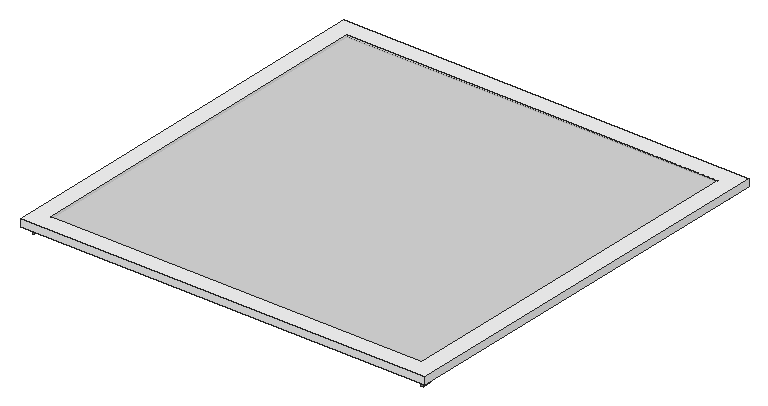
Revit family "0047639 Feilo Sylvania Lighting Fixtures START FLAT UGR19 1200 4000K DALI G2", category Lighting Fixtures, host Face, Revit 2017
Family settings
  Host = Face
  Round Connector Dimension = Use Diameter
  Part Type = Normal
  OmniClass Number = 23.80.70.11.17
  OmniClass Title = Specialized Lighting by Location or Use
  Cut with Voids When Loaded = No
  Light Source = Yes
  Shared = No
  Room Calculation Point = No
Parameters (values of type "0047639 START FLAT UGR19 1200 4000K DALI G2")
  Weight = "6.38 kg"
  Wattage = 33 W
  WarrantyStartDate [instance] = "n/a"
  WarrantyGuarantorParts = "n/a"
  WarrantyDurationUnit = "n/a"
  WarrantyDurationParts = "n/a"
  WarrantyDescription = "n/a"
  built-in parameter 1150110 = 1 (stored number, unit not read)
  Voltage = 230 V
  URL = "http://www.sylvania-lighting.com"
  TypeName = "START FLAT UGR19 1200 4000K DALI G2"
  built-in parameter 1114217 = 1 (stored number, unit not read)
  Tilt Angle = -90.00°
  built-in parameter 1150109 = 1 (stored number, unit not read)
  built-in parameter 1150134 = 12
  built-in parameter 1150113 = 1 (stored number, unit not read)
  SerialNumber [instance] = "n/a"
  PowerFactor = 0.98
  PowerConsumption = "33 W"
  Photometric Web File = "0047639.ies"
  NominalLength = 1195.0 mm
  NominalHeight = 10.5 mm
  NominalDepth = 295.0 mm
  Name = "START FLAT UGR19 1200 4000K DALI G2"
  ModelReference = "START FLAT UGR19 1200 4000K DALI G2"
  ModelNumber = "0047639"
  Material = "aluminium housing, pmma diffuser"
  ManufacturerName = "Feilo Sylvania"
  LuminousEfficacy = "97 lm/W"
  LuminaireType = ""
  LightOutputRatio = "n/a"
  LampsType = Lamp  # "Integrated LED"
  LampNominalLuminous = "3200 lm"
  LampMacAdamStep = "3"
  LampColourTemperature = "4000 K"
  LampColourRenderingIndex = "80"
  Keynote = "16500"
  InstallationDate [instance] = "n/a"
  InputVoltage = "220-240V~"
  InputNominalFrequency = "50/60 Hz"
  IngressProtection = "IP20"
  ImpactProtectionIndex = "IK03"
  IfcExportType = "IfcLightFixtureType"
  IfcExportAs = "IfcLightFixtureType"
  ExpectedLife = 50000
  ElectricShockClassification = "Class II"
  DurationUnit = "hours"
  DocumentationLiterature = "http://www.sylvania-lighting.com/product/en-int/products/0047639"
  DimmingControlOptions = "Dimmable"
  Diffuser Material = Polycarbonate_Sylvania_Startflat Panel LED_Opal
  Cutout Width = 574.0 mm
  Cutout Length = 574.0 mm
  CreatedOn = "11/30/2017"
  CreatedBy = ""
  built-in parameter 1114216 [instance] = 1 (stored number, unit not read)
  Model = "START FLAT UGR19 1200 4000K DALI G2"
  Manufacturer = "Feilo-Sylvania Group"
  built-in parameter 1150105 = 1962 (stored number, unit not read)
  Lumens = 3201 lm
  built-in parameter 1150115 = 1 (stored number, unit not read)
  built-in parameter 1150137 = (empty or 0)
  built-in parameter 1150139 = (empty or 0)
  built-in parameter 1150112 = 1 (stored number, unit not read)
  built-in parameter 1150114 = 1 (stored number, unit not read)
  Lamp = "Integrated LED"  # constant formula
  built-in parameter 1150132 = 2
  built-in parameter 1150102 = (empty or 0)
  built-in parameter 1150107 = 4000 (stored number, unit not read)
  built-in parameter 1150138 = (empty or 0)
  built-in parameter 1150106 = 19.62 (stored number, unit not read)
  Body Material = Metal_Sylvania_Startflat Panel LED_White
  Emit from Rectangle Width = 545.0 mm
  Emit from Rectangle Length = 545.0 mm
  Emit Shape Visible in Rendering = no
  built-in parameter 1150104 = 9.0116 (stored number, unit not read)
  Dimming Lamp Color Temperature Shift = <None>
  Description = "Ultra thin LED Panel, excellent uniformity of light, perfect for ceilings with low voids, high efficacy.Ulta thin edgelit LED 600x600mm Panel with, excellent uniform light distribution. Acrylic PMMA diffuser optimising light output whilst reducing glare. 4239lm 93lm/W."  # constant formula
  Default Elevation = 0.0 mm
  Color Filter = 16777215
  built-in parameter 1140040 [instance] = 1
  BarCode [instance] = "n/a"
  built-in parameter 1114218 = 1 (stored number, unit not read)
  built-in parameter 1150133 = 10 (stored number, unit not read)
  AssetType = "Fixed"
  AssetIdentifier [instance] = "n/a"
  Assembly Code = "D5020200"
  Apparent Load = 33 VA
  Mounting Material = Metal_Sylvania_Startflat Panel LED_Silver
Reference planes
  plane 1 "Center (Front/Back)": y = 0
  plane 2 "Fixture Top": z = 0
  plane 3 "Center (Left/Right)": x = 0
  plane 4: x = 295.5
  plane 5: x = -295.5
  plane 6 "Fixture Back": y = 297.5
  plane 7 "Fixture Front": y = -297.5
  plane 8 "Fixture Left": x = -297.5
  plane 9 "Fixture Right": x = 297.5
  plane 10: y = 295.5
  plane 11: y = -295.5
  plane 12: x = 272.5
  plane 13: x = -272.5
  plane 14: y = 272.5
  plane 15: y = -272.5
  plane 16: x = -287
  plane 17: x = 287
  plane 18: y = 287
  plane 19: y = -287
  plane 20 "Fixture Bottom": z = 10.5
  plane 21: z = 8.5
  plane 22: z = 6.5
  plane 23: z = -10
  plane 24: z = 2
Forms (mm)
  Extrusion 1, void
    sketch origin (0, 0, 60) x (-1, 0, 0) y (0, -1, 0)
      loop
        line (287, -287) -> (287, 287) -> (-287, 287) -> (-287, -287) -> (287, -287)
    from -70 to -60
  Extrusion 2, solid, material "Metal_Sylvania_Startflat Panel LED_White" <- "Body Material", detail levels fine
    sketch origin (0, 0, 60) x (-1, 0, 0) y (0, -1, 0)
      loop
        line (297.5, -297.5) -> (297.5, 297.5) -> (-297.5, 297.5) -> (-297.5, -297.5) -> (297.5, -297.5)
      loop
        line (272.5, -272.5) -> (272.5, 272.5) -> (-272.5, 272.5) -> (-272.5, -272.5) -> (272.5, -272.5)
    from -51.5 to -49.5
  Extrusion 3, solid, material "Metal_Sylvania_Startflat Panel LED_White" <- "Body Material", detail levels fine
    sketch origin (0, 0, 60) x (-1, 0, 0) y (0, -1, 0)
      loop
        line (297.5, -297.5) -> (297.5, 297.5) -> (-297.5, 297.5) -> (-297.5, -297.5) -> (297.5, -297.5)
      loop
        line (295.5, -295.5) -> (295.5, 295.5) -> (-295.5, 295.5) -> (-295.5, -295.5) -> (295.5, -295.5)
    from -60 to -51.5
  Extrusion 4, solid, material "Polycarbonate_Sylvania_Startflat Panel LED_Opal" <- "Diffuser Material", detail levels fine
    sketch origin (0, 0, 60) x (-1, 0, 0) y (0, -1, 0)
      loop
        line (295.5, -295.5) -> (295.5, 295.5) -> (-295.5, 295.5) -> (-295.5, -295.5) -> (295.5, -295.5)
    from -53.5 to -51.5
  Extrusion 5, solid, material "Metal_Sylvania_Startflat Panel LED_Silver" <- "Mounting Material", detail levels fine
    sketch origin (0, 0, 60) x (-1, 0, 0) y (0, -1, 0)
      loop
        line (287, -287) -> (287, -272.5) -> (284, -272.5) -> (284, -287) -> (287, -287)
      loop
        line (-284, -287) -> (-284, -272.5) -> (-287, -272.5) -> (-287, -287) -> (-284, -287)
      loop
        line (-284, 272.5) -> (-284, 287) -> (-287, 287) -> (-287, 272.5) -> (-284, 272.5)
      loop
        line (284, 272.5) -> (287, 272.5) -> (287, 287) -> (284, 287) -> (284, 272.5)
    from -70 to -60
  Extrusion 6, solid, material "Metal_Sylvania_Startflat Panel LED_White" <- "Body Material", detail levels fine
    sketch origin (0, 0, 60) x (-1, 0, 0) y (0, -1, 0)
      loop
        line (297.5, -297.5) -> (297.5, 297.5) -> (-297.5, 297.5) -> (-297.5, -297.5) -> (297.5, -297.5)
    from -60 to -58
  Extrusion 7, solid, material "Metal_Sylvania_Startflat Panel LED_White" <- "Body Material", detail levels coarse+medium
    sketch origin (0, 0, 60) x (-1, 0, 0) y (0, -1, 0)
      loop
        line (297.5, -297.5) -> (297.5, 297.5) -> (-297.5, 297.5) -> (-297.5, -297.5) -> (297.5, -297.5)
    from -60 to -49.5
Cuts and joins
  joined: Extrusion 2, Extrusion 3, Extrusion 6
Dimensions and locks
  equal spacing: plane 6 "Fixture Back", plane 1 "Center (Front/Back)", plane 7 "Fixture Front"
  locked: plane 6 "Fixture Back" to plane 7 "Fixture Front" at 595
  equal spacing: plane 8 "Fixture Left", plane 3 "Center (Left/Right)", plane 9 "Fixture Right"
  locked: plane 8 "Fixture Left" to plane 9 "Fixture Right" at 595
  locked: plane 8 "Fixture Left" to plane 5 at 2
  locked: plane 4 to plane 9 "Fixture Right" at 2
  locked: plane 6 "Fixture Back" to plane 10 at 2
  locked: plane 11 to plane 7 "Fixture Front" at 2
  locked: plane 12 to plane 9 "Fixture Right" at 25
  locked: plane 8 "Fixture Left" to plane 13 at 25
  locked: plane 6 "Fixture Back" to plane 14 at 25
  locked: plane 15 to plane 7 "Fixture Front" at 25
  equal spacing: plane 16, plane 3 "Center (Left/Right)", plane 17
  "Cutout Length": plane 16 to plane 17
  equal spacing: plane 18, plane 1 "Center (Front/Back)", plane 19
  "Cutout Width": plane 18 to plane 19
  locked: plane 20 "Fixture Bottom" to plane 2 "Fixture Top" at 10.5
  plane 20 "Fixture Bottom" to plane 21 to plane 22 = 2.0 mm locked, 2.0 mm locked
  locked: plane 2 "Fixture Top" to plane 23 at 10
  locked: plane 16 to Extrusion 5 sketch curve at 3
  locked: Extrusion 5 sketch curve to plane 17 at 3
  locked: plane 24 to plane 2 "Fixture Top" at 2
  aligned and locked: level to host face
  aligned and locked: imposter light to plane 1 "Center (Front/Back)"
  aligned and locked: plane 2 "Fixture Top" to Extrusion 1
  aligned and locked: Extrusion 2 sketch curve to plane 6 "Fixture Back"
  aligned and locked: plane 8 "Fixture Left" to Extrusion 2 sketch curve
  aligned and locked: plane 7 "Fixture Front" to Extrusion 2 sketch curve
  aligned and locked: Extrusion 2 sketch curve to plane 9 "Fixture Right"
  aligned and locked: Extrusion 2 sketch curve to plane 14
  aligned and locked: plane 13 to Extrusion 2 sketch curve
  aligned and locked: plane 15 to Extrusion 2 sketch curve
  aligned and locked: Extrusion 2 sketch curve to plane 12
  aligned and locked: Extrusion 3 sketch curve to Extrusion 2  (x4)
  aligned and locked: Extrusion 3 sketch curve to plane 10
  aligned and locked: plane 5 to Extrusion 3 sketch curve
  aligned and locked: plane 11 to Extrusion 3 sketch curve
  aligned and locked: Extrusion 3 sketch curve to plane 4
  aligned and locked: Extrusion 4 sketch curve to cut or joined group of Extrusion 2, Extrusion 3, Extrusion 6  (x4)
  aligned and locked: plane 16 to Extrusion 1 sketch curve
  aligned and locked: Extrusion 1 sketch curve to plane 17
  aligned and locked: Extrusion 1 sketch curve to plane 18
  aligned and locked: plane 19 to Extrusion 1 sketch curve
  aligned and locked: plane 20 "Fixture Bottom" to cut or joined group of Extrusion 2, Extrusion 3, Extrusion 6
  aligned and locked: cut or joined group of Extrusion 2, Extrusion 3, Extrusion 6 to plane 21
  aligned and locked: plane 21 to cut or joined group of Extrusion 2, Extrusion 3, Extrusion 6
  aligned and locked: cut or joined group of Extrusion 2, Extrusion 3, Extrusion 6 to plane 2 "Fixture Top"
  aligned and locked: plane 21 to Extrusion 4
  aligned and locked: Extrusion 4 to plane 22
  aligned and locked: level to plane 2 "Fixture Top"
  aligned and locked: plane 3 "Center (Left/Right)" to imposter light
  aligned and locked: plane 20 "Fixture Bottom" to imposter light
  aligned and locked: Extrusion 5 sketch curve to plane 18  (x2)
  aligned and locked: plane 16 to Extrusion 5 sketch curve
  aligned and locked: cut or joined group of Extrusion 2, Extrusion 3, Extrusion 6 to Extrusion 5 sketch curve  (x3)
  aligned and locked: plane 14 to Extrusion 5 sketch curve
  aligned and locked: Extrusion 5 sketch curve to plane 17  (x2)
  aligned and locked: plane 19 to Extrusion 5 sketch curve
  aligned and locked: Extrusion 5 sketch curve to plane 19
  aligned and locked: Extrusion 5 sketch curve to plane 16
  aligned and locked: Extrusion 5 to plane 23
  aligned and locked: Extrusion 5 sketch curve to Extrusion 5 sketch curve  (x2)
  aligned and locked: Extrusion 6 sketch curve to cut or joined group of Extrusion 2, Extrusion 3, Extrusion 6  (x4)
  aligned and locked: Extrusion 6 to plane 2 "Fixture Top"
  aligned and locked: plane 24 to Extrusion 6
  aligned and locked: plane 2 "Fixture Top" to Extrusion 5
  aligned and locked: Extrusion 7 sketch curve to cut or joined group of Extrusion 2, Extrusion 3, Extrusion 6  (x4)
  aligned and locked: Extrusion 7 to plane 2 "Fixture Top"
  aligned and locked: plane 20 "Fixture Bottom" to Extrusion 7
  aligned and locked: Extrusion 1 to Extrusion 5
Automatic sketch dimensions
  host sketch curve to host sketch curve = 1461.012 mm
  host sketch curve to host sketch curve = 1283.632 mm
Connectors
  electrical at (0, 0, 0), driven by "Apparent Load"
    settings: on cut or joined group of Extrusion 2, Extrusion 3, Extrusion 6, index 1, voltage 230 V, apparent load 0 VA, apparent load phase1 33 VA, apparent load phase2 0 VA, apparent load phase3 0 VA, power factor 1, load classification "Lighting", number of poles 1, system type 31, power factor state 1, is connector primary yes, connector utility no, sub classification motor no, connector description ""
